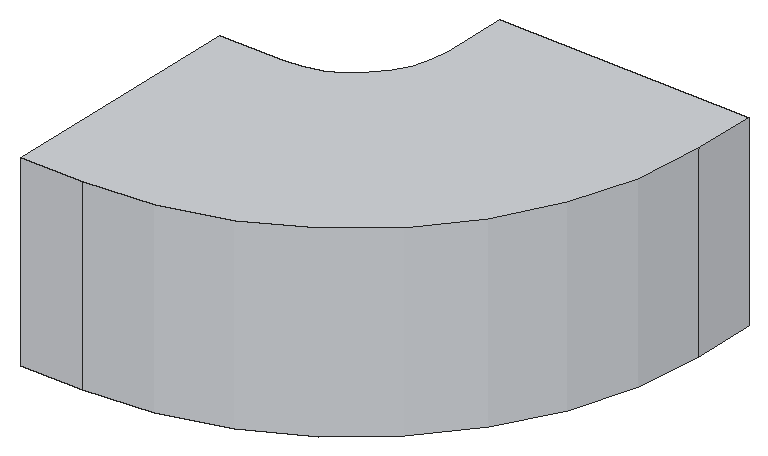
Revit family "P3 - Rectangular Curve", category Duct Fittings, Revit 2015
Parameters (values of type "default")
  Ɛ (Roughness) = 0.03 mm
  iA2 [instance] = if([P3 - Angle] = 90.00°, ([P3 - A Width_1] + [P3 - Radius_Internal (minimum)]) / cos([P3 - Angle] - 0.10°), ([P3 - A Width_1] + [P3 - Radius_Internal (minimum)]) / cos([P3 - Angle]))  # 315126.947 mm
  iA1 [instance] = if([P3 - Angle] = 90.00°, ([P3 - M Width_2] + [P3 - Radius_Internal (minimum)]) / cos([P3 - Angle] - 0.10°), ([P3 - M Width_2] + [P3 - Radius_Internal (minimum)]) / cos([P3 - Angle]))  # 315126.947 mm
  P3 - Radius_Internal (suggested) [instance] = if([P3 - B Depth] < 500 mm, 150 mm, if([P3 - B Depth] > 1000 mm, 250 mm, 200 mm))  # 150 mm
  P3 - Radius_Internal (minimum) [instance] = if([P3 - Radius_Internal (suggested)] > [P3 - Radius_Internal (alternative)], [P3 - Radius_Internal (suggested)], [P3 - Radius_Internal (alternative)])  # 150 mm
  P3 - Radius_Internal (alternative) [instance] = 0 mm
  P3 - R4D [instance] = 0 mm
  P3 - R3D [instance] = 0 mm
  P3 - R2D [instance] = 0 mm
  P3 - R1D [instance] = 0 mm
  P3 - Capitolato = "http://www.p3italy.it/pagine/it-capitolati"
  DeltaR2 [instance] = ([P3 - M Width_2] + [P3 - Radius_Internal (minimum)] - iA2) / (1 - cos([P3 - Angle])) + 10 mm  # -314566.947 mm
  DeltaR1 [instance] = ([P3 - A Width_1] + [P3 - Radius_Internal (minimum)] - iA1) / (1 - cos([P3 - Angle])) + 10 mm  # -314566.947 mm
  Case2 [instance] = if(iA2 > ([P3 - M Width_2] + [P3 - Radius_Internal (minimum)]), [P3 - Radius_Internal (minimum)], [P3 - Radius_Internal (minimum)] + DeltaR2)  # 150 mm
  Case1 [instance] = if(iA1 > ([P3 - A Width_1] + [P3 - Radius_Internal (minimum)]), [P3 - Radius_Internal (minimum)], [P3 - Radius_Internal (minimum)] + DeltaR1)  # 150 mm
  URL = "http://www.p3italy.it/"
  P3 - Radius_Internal [instance] = if([P3 - A Width_1] > [P3 - M Width_2], Case1, Case2)  # 150 mm
  P3 - Radius_External [instance] = 550 mm
  P3 - Material = P3 - Alluminio
  P3 - M Width_2 [instance] = 400 mm
  P3 - F Line_2 [instance] = 100 mm
  P3 - E Line_1 [instance] = 100 mm
  P3 - Dos_Name = "pezzo802.dll"
  P3 - Code = 802
  P3 - B Depth [instance] = 300 mm
  P3 - Article = "Rectagular Curve"
  P3 - Angle [instance] = 90.00°
  P3 - A Width_1 [instance] = 400 mm
  Assembly Code = ""
Reference planes
  plane 1 "Center (Front/Back)": y = 0
  plane 2: z = 0
  plane 3 "Center (Left/Right)": x = 0
  plane 4: z = 150
  plane 5: z = -150
Dimensions and locks
  equal spacing: plane 5, level, plane 4
  "P3 - B Depth": plane 5 to plane 4
  "P3 - Radius_External": radius of nested 1
  aligned and locked: nested 1 to plane 3 "Center (Left/Right)"
  aligned and locked: level to nested 1
  aligned and locked: plane 1 "Center (Front/Back)" to nested 1
Nested families
  nested 1: "P3 - Rectangular Curve - base" at (-1500, -200, 0) x (0, 1, 0) z (0, 0, 1), Angle <- "P3 - Angle", Raggio int <- "P3 - Radius_Internal", Duct Height <- "P3 - B Depth", Duct Width 1 <- "P3 - A Width_1", Retta1 <- "P3 - E Line_1", Retta2 <- "P3 - F Line_2", Duct Width 2 <- "P3 - M Width_2", type "default"
    with Ry 388.909 mm, Rx 161.091 mm, Retta3/sen(AngleRight) 650 mm, Retta2 100 mm, Retta1 100 mm, Raggio int 150 mm, Qx 200 mm, Py 350 mm, Px 650 mm, Oy 550 mm, Ox 0 mm, Ny 550 mm, Nx 0 mm, NO 0 mm, NL 777.817 mm, NG 550 mm, My 0 mm, Mx 550 mm, Ly 0 mm, Lx 550 mm, Iy 0 mm, Ix 0 mm, Hy 550 mm, Hx 550 mm, HL 550 mm, Gy 550 mm, Gx 550 mm, Fy 550 mm, Fx 650 mm, Ey 150 mm, Ex 650 mm, Dy 150 mm, Dx 550 mm, Duct Width 2 400 mm, Duct Width 1 400 mm, Duct Lenght 2 350 mm, Duct Lenght 1 350 mm, Duct Height 300 mm, Cy 0 mm, Cx 400 mm, By 100 mm, Bx 400 mm, Ay 100 mm, Ax 0 mm, Angle 90.00°
Connectors
  hvac at (-450, 0, 0), driven by "P3 - B Depth", driven by "P3 - A Width_1", driven by "P3 - Angle"
    settings: on nested 1, index 1, duct flow 0.0 L/s, flow factor 0, pres drop 0.0 Pa, loss coef 0, conn angle 90.00°, conn width 400 mm, conn height 300 mm, conn diameter 609.6 mm, duct sys type 28, conn prof type 1, flow config 0, flow direction 0, loss method 0, conn ref index 2, conn util no, is conn primary yes, conn desc ""
  hvac at (0, 450, 0), driven by "P3 - B Depth", driven by "P3 - Angle", driven by "P3 - M Width_2"
    settings: on nested 1, index 2, duct flow 0.0 L/s, flow factor 0, pres drop 0.0 Pa, loss coef 0, conn angle 90.00°, conn width 400 mm, conn height 300 mm, conn diameter 609.6 mm, duct sys type 28, conn prof type 1, flow config 0, flow direction 0, loss method 0, conn ref index 1, conn util no, is conn primary no, conn desc ""
Definition of nested family "P3 - Rectangular Curve - base"
  Parameters (values of type "default")
    URL = "http://www.p3italy.it/"
    Ry [instance] = Lx * sin(Angle / 2) + Iy  # 550 mm
    Rx [instance] = Lx - Lx * cos(Angle / 2)  # 147.372 mm
    Qx [instance] = Bx / 2  # 500 mm
    Py [instance] = Ey + (Fy - Ey) / 2  # 829.423 mm
    Px [instance] = Fx + (Ex - Fx) / 2  # 1136.603 mm
    Oy [instance] = Gy  # 1125.833 mm
    Ox [instance] = 0 mm  # constant formula
    Ny [instance] = Oy - NO  # 635.085 mm
    Nx [instance] = 0 mm  # constant formula
    My [instance] = 0 mm  # constant formula
    Iy [instance] = if(Duct Width 1 < Duct Width 2, Gy - NO - NG, 0 mm)  # 0 mm
    Ix [instance] = 0 mm  # constant formula
    HL [instance] = Lx  # 1100 mm
    Dy [instance] = Raggio int * sin(Angle)  # 433.013 mm
    Retta2 [instance] = 100 mm
    Retta3/sen(AngleRight) [instance] = (Retta2 / sin(Angle)) + (Raggio int) + (Duct Width 1)  # 1615.47 mm
    Dx [instance] = Duct Width 1 + Raggio int - (Raggio int * cos(Angle))  # 1250 mm
    Raggio int [instance] = 500 mm
    Retta1 [instance] = 100 mm
    NL [instance] = if(Duct Width 1 < Duct Width 2, NG / sin(Angle / 2), (Gy - NO) / sin(Angle / 2))  # 1270.171 mm
    NG [instance] = Gx / sin(Angle)  # 981.495 mm
    P3 - Material = none
    Gy [instance] = (Duct Width 2 + Raggio int) * sin(Angle)  # 1125.833 mm
    Gx [instance] = (Duct Width 1 + Raggio int) - ((Duct Width 2 + Raggio int) * cos(Angle))  # 850 mm
    Fy [instance] = Gy + Retta2 * cos(Angle)  # 1175.833 mm
    Fx [instance] = Gx + Retta2 * sin(Angle)  # 936.603 mm
    Ey [instance] = Dy + Retta2 * cos(Angle)  # 483.013 mm
    Ex [instance] = Dx + Retta2 * sin(Angle)  # 1336.603 mm
    Duct Width 1 [instance] = 1000 mm
    Duct Width 2 [instance] = 800 mm
    Mx [instance] = Duct Width 1 + Raggio int  # 1500 mm
    Duct Lenght 2 [instance] = ((Duct Width 2 / 2) + (Raggio int)) * tan(Angle / 2)  # 519.615 mm
    Duct Lenght 1 [instance] = ((Duct Width 1 / 2) + (Raggio int)) * tan(Angle / 2)  # 577.35 mm
    Duct Height [instance] = 400 mm
    Ly [instance] = Iy  # 0 mm
    Lx [instance] = NL * cos(Angle / 2)  # 1100 mm
    Cy [instance] = 0 mm  # constant formula
    Cx [instance] = Duct Width 1  # 1000 mm
    By [instance] = Retta1  # 100 mm
    Bx [instance] = Duct Width 1  # 1000 mm
    NO [instance] = NG * cos(Angle)  # 490.748 mm
    Hy [instance] = HL * sin(Angle) + Iy  # 952.628 mm
    Ay [instance] = Retta1  # 100 mm
    Ax [instance] = 0 mm  # constant formula
    Hx [instance] = Lx - HL * cos(Angle)  # 550 mm
    Angle [instance] = 60.00°
  Reference planes
    plane 1 "Center (Front/Back)": y = 980.385
    plane 2: z = 0
    plane 3 "Center (Left/Right)": x = 0
    plane 4: z = 200
    plane 5: z = -200
    plane 6: x = 0
    plane 7: y = 980.385
    plane 8: y = 1500
    plane 9: x = 500
    plane 10: x = 1000
  Forms (mm)
    Extrusion 1, solid, material <- "P3 - Material", detail levels medium+fine
      sketch origin (0, 0, 0) x (1, 0, 0) y (0, 1, 0)
        loop
          line (0, 880.385) -> (1000, 880.385) -> (1000, 980.385)
          arc (1000, 980.385) -> (1066.987, 1230.385) -> (1250, 1413.397) r 500
          line (1250, 1413.397) -> (1336.603, 1463.397) -> (936.603, 2156.218) -> (550, 1933.013)
          arc (550, 1933.013) -> (147.372, 1530.385) -> (0, 980.385) r 1100
          line (0, 980.385) -> (0, 880.385)
      from -200 to 200
  Lines and regions (mm)
    reference lines
      curve 1: line (1100, 980.385, 0) -> (147.372, 1530.385, 0)
      curve 2: line (508.697, 2156.218, 0) -> (108.697, 1463.397, 0)
    model lines, detail levels coarse
      curve 3: line (1136.603, 1809.808, 0) -> (500, 1442.265, 0)
      curve 4: line (500, 1442.265, 0) -> (500, 880.385, 0)
  Dimensions and locks
    equal spacing: plane 4, level, plane 5
    "Duct Height": plane 4 to plane 5
    "Fx": plane 6 to Extrusion 1 sketch curve
    "Ex": plane 6 to Extrusion 1 sketch curve
    "Ax": plane 6 to Extrusion 1 sketch curve
    "Bx": plane 6 to Extrusion 1 sketch curve
    "Ey": Extrusion 1 sketch curve to plane 7
    "Fy": Extrusion 1 sketch curve to plane 7
    "Ay": plane 7 to Extrusion 1 sketch curve
    "By": plane 7 to Extrusion 1 sketch curve
    "Hx": plane 6 to Extrusion 1 sketch curve
    "Hy": Extrusion 1 sketch curve to plane 7
    "Iy": Extrusion 1 sketch curve to plane 7
    "Ix": plane 6 to Extrusion 1 sketch curve
    "Cy": plane 7 to Extrusion 1 sketch curve
    "Cx": plane 6 to Extrusion 1 sketch curve
    "Dx": plane 6 to Extrusion 1 sketch curve
    "Dy": Extrusion 1 sketch curve to plane 7
    locked: plane 6 to plane 3 "Center (Left/Right)" at 0
    locked: plane 1 "Center (Front/Back)" to plane 7 at 0
    "Duct Lenght 2": plane 1 "Center (Front/Back)" to plane 8
    "Ly": plane 1 "Center (Front/Back)" to curve 1
    "Lx": plane 6 to curve 1
    "Rx": plane 6 to curve 1
    "Ry": plane 1 "Center (Front/Back)" to curve 1
    "Ey": plane 1 "Center (Front/Back)" to curve 2
    "Fy": plane 1 "Center (Front/Back)" to curve 2
    equal spacing: Extrusion 1, curve 3, Extrusion 1
    equal spacing: Extrusion 1, curve 4, Extrusion 1
    equal spacing: plane 6, plane 9, plane 10
    "Duct Width 1": plane 6 to plane 10
    "Lx": radius of Extrusion 1 sketch curve
    "Raggio int": radius of Extrusion 1 sketch curve
    locked: curve 1 to curve 2 (angle 90.00°)
    locked: Extrusion 1 to curve 4 (angle 90.00°)
    locked: Extrusion 1 to curve 3 (angle 90.00°)
    aligned and locked: plane 4 to Extrusion 1
    aligned and locked: Extrusion 1 to plane 5
    aligned and locked: Extrusion 1 to curve 4
    aligned and locked: Extrusion 1 to curve 3
  Connectors
    hvac at (500, 880.385, 0), driven by "Duct Height", driven by "Duct Width 1"
      settings: on Extrusion 1, index 1, duct flow 0.0 L/s, flow factor 0, pres drop 0.0 Pa, loss coef 0, conn angle 0.00°, conn width 1000 mm, conn height 400 mm, conn diameter 609.6 mm, duct sys type 28, conn prof type 1, flow config 0, flow direction 0, loss method 0, conn ref index 2, conn util no, is conn primary yes, conn desc ""
    hvac at (1136.603, 1809.808, 0), driven by "Duct Height", driven by "Duct Width 2"
      settings: on Extrusion 1, index 2, duct flow 0.0 L/s, flow factor 0, pres drop 0.0 Pa, loss coef 0, conn angle 0.00°, conn width 800 mm, conn height 400 mm, conn diameter 609.6 mm, duct sys type 28, conn prof type 1, flow config 0, flow direction 0, loss method 0, conn ref index 1, conn util no, is conn primary no, conn desc ""
